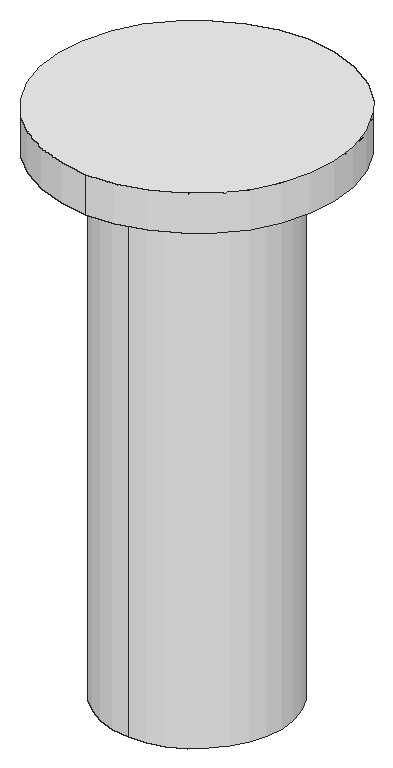
Revit family "KEUCO_14916010000_", category Generic Models, Revit 2016
Family settings
  Part Type = Normal
  Can host rebar = No
  Round Connector Dimension = Use Diameter
  Work Plane-Based = Yes
  Always vertical = No
  Cut with Voids When Loaded = No
  Shared = No
  Room Calculation Point = No
Parameters (values of type "14916010000")
  Verwendung = "BI / DU / GWC / WA / WP"  # constant formula
  URL = "https://www.keuco.com/de/produkte/sortiment/artikel/?pid=14916&oid=3&pgo=5&country=de&lang=de&vid=14916010000"
  Stange Breite = 38 mm
  Preisgruppe = ""
  Materialien bei Hersteller anfragen = "Anfrage zu:  objektmanagement@keuco.de"
  Kategorie = ""
  Gewicht = 0
  Description = "--"
  Default Elevation = 1219.2 mm
  Serie = "Plan"  # constant formula
  Material = Verchromt
  Manufacturer = "KEUCO"  # constant formula
  Assembly Code = ""
  Ausschreibungstext = "KEUCO PLAN Handtuchhaken 14916010000\r\nHochglanzverchromter Handtuchhaken \r\nin ästhetischem, funktionalem Design\r\nzylindrische Grundform, abgerundete Kanten, leicht zu reinigen\r\nAusladung 38 mm , Zylinderdurchmesser 15 mm, Kopfdurchmesser 21 mm\r\nDer Handtuchhaken wird verdeckt angebracht\r\nLieferung inkl. korrosionsfreiem Befestigungsmaterial"
  Artikelnummer = "14916010000"
Types (4, lengths in mm): name | URL | Materialien bei Hersteller anfragen | Material | Ausschreibungstext | Artikelnummer
  (no name) | "https://www.keuco.com" | "Request to:  objektmanagement@keuco.de" | Verchromt | "" | "14916010000"
  14916010000 | "https://www.keuco.com/de/produkte/sortiment/artikel/?pid=14916&oid=3&pgo=5&country=de&lang=de&vid=14916010000" | "Anfrage zu:  objektmanagement@keuco.de" | Verchromt | "KEUCO PLAN Handtuchhaken 14916010000\r\nHochglanzverchromter Handtuchhaken \r\nin ästhetischem, funktionalem Design\r\nzylindrische Grundform, abgerundete Kanten, leicht zu reinigen\r\nAusladung 38 mm , Zylinderdurchmesser 15 mm, Kopfdurchmesser 21 mm\r\nDer Handtuchhaken wird verdeckt angebracht\r\nLieferung inkl. korrosionsfreiem Befestigungsmaterial" | "14916010000"
  14916070000 | "https://www.keuco.com/de/produkte/sortiment/artikel/?pid=14916&oid=3&pgo=5&country=de&lang=de&vid=14916070000" | "Request to:  objektmanagement@keuco.de" | Edelstahl | "KEUCO PLAN Handtuchhaken 14916070000\r\nZeitloser Handtuchhaken \r\naus hochwertigem Edelstahl \r\nin ästhetischem, funktionalem Design\r\nzylindrische Grundform, abgerundete Kanten, leicht zu reinigen\r\nAusladung 38 mm, Zylinderdurchmesser 15 mm, Kopfdurchmesser 21 mm\r\nDer Handtuchhaken wird verdeckt angebracht\r\nLieferung inkl. korrosionsfreiem Befestigungsmaterial" | "14916070000"
  14916170000 | "https://www.keuco.com/de/produkte/sortiment/artikel/?pid=14916&oid=3&pgo=5&country=de&lang=de&vid=14916170000" | "Request to:  objektmanagement@keuco.de" | Aluminium silber-eloxiert (E6 EV1) | "KEUCO PLAN Handtuchhaken 14916170000\r\nHandtuchhaken aus silber-eloxiertem Aluminium (E6 EV1) \r\nin ästhetischem, funktionalem Design\r\nzylindrische Grundform, abgerundete Kanten, leicht zu reinigen\r\nAusladung 38 mm, Zylinderdurchmesser 15 mm, Kopfdurchmesser 21 mm\r\nDer Handtuchhaken wird verdeckt angebracht\r\nLieferung inkl. korrosionsfreiem Befestigungsmaterial" | "14916170000"
Reference planes
  plane 1 "Center (Front/Back)": y = 0
  plane 2: z = 0
  plane 3 "Center (Left/Right)": x = 0
  plane 4: y = -700
  plane 5: z = 40
Forms (mm)
  Extrusion 1, solid, material "Verchromt" <- "Material"
    sketch origin (0, 16.5, 20) x (0, 1, 0) y (-1, 0, 0)
      loop
        circle (-16.5, 0) r 10.5
    from 17.279 to 20
  Extrusion 2, solid, material "Verchromt" <- "Material"
    sketch origin (0, 16.5, 20) x (0, 1, 0) y (-1, 0, 0)
      loop
        circle (-16.5, 0) r 6.5
    from -20 to 17.279
Dimensions and locks
  locked: Extrusion 1 to Extrusion 1 at 2.721
  aligned and locked: level to plane 2
  aligned and locked: Extrusion 2 to plane 2
  aligned and locked: Extrusion 1 to Extrusion 2
  aligned and locked: plane 5 to Extrusion 1
